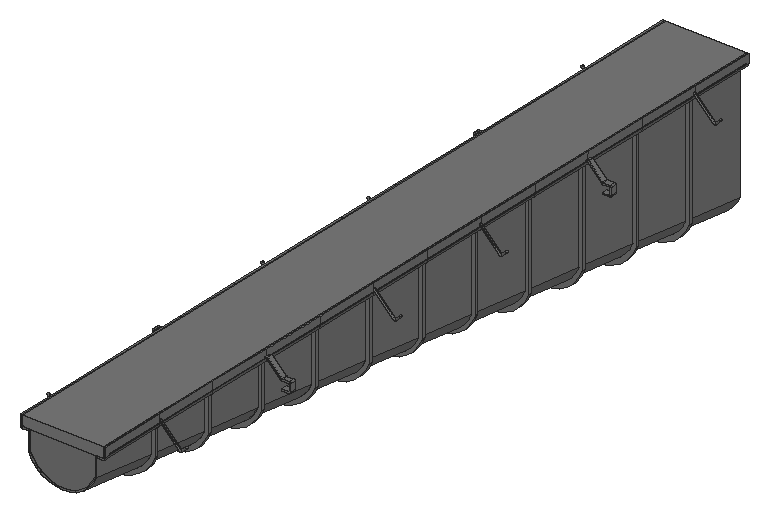
Revit family "9960", category Plumbing Fixtures, Revit 2014 (continued)
Lines and regions (in)
  model lines
    curve 30: line (6.03125, -15.8125, 0) -> (-6.03125, -15.8125, 0)
    curve 31: line (6.03125, -14.3125, 0) -> (-6.03125, -14.3125, 0)
    curve 32: line (6.03125, -12.8125, 0) -> (-6.03125, -12.8125, 0)
    curve 33: line (6.03125, -11.3125, 0) -> (-6.03125, -11.3125, 0)
    curve 34: line (6.03125, -9.8125, 0) -> (-6.03125, -9.8125, 0)
    curve 35: line (6.03125, -8.3125, 0) -> (-6.03125, -8.3125, 0)
    curve 36: line (6.03125, -6.8125, 0) -> (-6.03125, -6.8125, 0)
    curve 37: line (6.03125, -5.3125, 0) -> (-6.03125, -5.3125, 0)
    curve 38: line (6.03125, -3.8125, 0) -> (-6.03125, -3.8125, 0)
    curve 39: line (6.03125, -2.3125, 0) -> (-6.03125, -2.3125, 0)
    curve 40: line (6.03125, -0.8125, 0) -> (-6.03125, -0.8125, 0)
    curve 41: line (6.03125, 0.6875, 0) -> (-6.03125, 0.6875, 0)
    curve 42: line (6.03125, 2.1875, 0) -> (-6.03125, 2.1875, 0)
    curve 43: line (6.03125, 3.6875, 0) -> (-6.03125, 3.6875, 0)
    curve 44: line (6.03125, 5.1875, 0) -> (-6.03125, 5.1875, 0)
    curve 45: line (6.03125, 6.6875, 0) -> (-6.03125, 6.6875, 0)
    curve 46: line (6.03125, 8.1875, 0) -> (-6.03125, 8.1875, 0)
    curve 47: line (6.03125, 9.6875, 0) -> (-6.03125, 9.6875, 0)
    curve 48: line (6.03125, 11.1875, 0) -> (-6.03125, 11.1875, 0)
    curve 49: line (6.03125, 12.6875, 0) -> (-6.03125, 12.6875, 0)
    curve 50: line (6.03125, 14.1875, 0) -> (-6.03125, 14.1875, 0)
    curve 51: line (6.03125, 15.6875, 0) -> (-6.03125, 15.6875, 0)
    curve 52: line (6.03125, 17.1875, 0) -> (-6.03125, 17.1875, 0)
    curve 53: line (6.03125, 18.6875, 0) -> (-6.03125, 18.6875, 0)
    curve 54: line (6.03125, 20.1875, 0) -> (-6.03125, 20.1875, 0)
    curve 55: line (6.03125, 21.6875, 0) -> (-6.03125, 21.6875, 0)
    curve 56: line (6.03125, 23.1875, 0) -> (-6.03125, 23.1875, 0)
    curve 57: line (6.03125, 24.6875, 0) -> (-6.03125, 24.6875, 0)
    curve 58: line (6.03125, 26.1875, 0) -> (-6.03125, 26.1875, 0)
    curve 59: line (6.03125, 27.6875, 0) -> (-6.03125, 27.6875, 0)
    curve 60: line (6.03125, 29.1875, 0) -> (-6.03125, 29.1875, 0)
    curve 61: line (6.03125, 30.6875, 0) -> (-6.03125, 30.6875, 0)
    curve 62: line (6.03125, 32.1875, 0) -> (-6.03125, 32.1875, 0)
    curve 63: line (6.03125, 33.6875, 0) -> (-6.03125, 33.6875, 0)
    curve 64: line (6.03125, 35.1875, 0) -> (-6.03125, 35.1875, 0)
    curve 65: line (6.03125, 36.6875, 0) -> (-6.03125, 36.6875, 0)
    curve 66: line (6.03125, 38.1875, 0) -> (-6.03125, 38.1875, 0)
    curve 67: line (6.03125, 39.6875, 0) -> (-6.03125, 39.6875, 0)
    curve 68: line (6.03125, 41.1875, 0) -> (-6.03125, 41.1875, 0)
    curve 69: line (6.03125, 42.6875, 0) -> (-6.03125, 42.6875, 0)
    curve 70: line (6.03125, 44.1875, 0) -> (-6.03125, 44.1875, 0)
    curve 71: line (6.03125, 45.6875, 0) -> (-6.03125, 45.6875, 0)
    curve 72: line (6.03125, 47.1875, 0) -> (-6.03125, 47.1875, 0)
    curve 73: line (6.03125, 48.6875, 0) -> (-6.03125, 48.6875, 0)
    curve 74: line (6.03125, 50.1875, 0) -> (-6.03125, 50.1875, 0)
    curve 75: line (6.03125, 51.6875, 0) -> (-6.03125, 51.6875, 0)
    curve 76: line (6.03125, 53.1875, 0) -> (-6.03125, 53.1875, 0)
    curve 77: line (6.03125, 54.6875, 0) -> (-6.03125, 54.6875, 0)
    curve 78: line (6.03125, 56.1875, 0) -> (-6.03125, 56.1875, 0)
    curve 79: line (6.03125, 57.6875, 0) -> (-6.03125, 57.6875, 0)
Dimensions and locks (in)
  plane 7 to plane 4 to plane 1 "Center (Front/Back)" to plane 5 to plane 6 = 29 9/16", 29 3/4", 29 3/4", 29 9/16"
  equal spacing: plane 7, plane 8, plane 9, plane 4
  equal spacing: plane 4, plane 11, plane 10, plane 1 "Center (Front/Back)"
  equal spacing: plane 1 "Center (Front/Back)", plane 12, plane 13, plane 5
  equal spacing: plane 5, plane 15, plane 14, plane 6
  locked: plane 8 to plane 16 at 0.32145
  locked: plane 9 to plane 17 at 0.32145
  locked: plane 4 to plane 18 at 0.32145
  locked: plane 11 to plane 19 at 0.32145
  locked: plane 10 to plane 20 at 0.32145
  locked: plane 14 to plane 21 at 0.32145
  locked: plane 15 to plane 22 at 0.32145
  locked: plane 5 to plane 23 at 0.32145
  locked: plane 13 to plane 24 at 0.32145
  locked: plane 12 to plane 25 at 0.32145
  locked: plane 7 to plane 28 at 0.32145
  plane 34 to plane 33 = 20 3/8"
  plane 36 to plane 35 = 12 9/16"
  plane 38 to plane 37 = 9 5/8"
  plane 2 to plane 39 = 1 9/16"
  plane 2 to plane 46 = 7.56"
  locked: plane 42 to plane 46 at 5.24057
  plane 2 to plane 47 = 8.81"
  locked: plane 45 to plane 47 at 5.24057
  locked: plane 50 to plane 54 at 5.24057
  locked: plane 53 to plane 55 at 5.24057
  locked: plane 58 to plane 62 at 5.24057
  locked: plane 61 to plane 63 at 5.24057
  locked: plane 66 to plane 70 at 5.24057
  locked: plane 69 to plane 71 at 5.24057
  locked: plane 74 to plane 78 at 5.24057
  locked: plane 77 to plane 79 at 5.24057
  locked: plane 82 to plane 86 at 5.24057
  locked: plane 85 to plane 87 at 5.24057
  locked: plane 90 to plane 94 at 5.24057
  locked: plane 93 to plane 95 at 5.24057
  locked: plane 98 to plane 102 at 5.24057
  locked: plane 101 to plane 103 at 5.24057
  locked: plane 106 to plane 110 at 5.24057
  locked: plane 109 to plane 111 at 5.24057
  locked: plane 114 to plane 118 at 5.24057
  locked: plane 117 to plane 119 at 5.24057
  locked: plane 122 to plane 126 at 5.24057
  locked: plane 125 to plane 127 at 5.24057
  locked: plane 130 to plane 134 at 5.24057
  locked: plane 133 to plane 135 at 5.24057
  locked: Extrusion 36 sketch curve to plane 39 at 15.75693
  "Connection Size": diameter of Extrusion 36 sketch curve
  aligned and locked: Extrusion 7 sketch curve to level
  aligned and locked: Extrusion 7 to plane 6
  aligned and locked: Extrusion 7 to plane 7
  aligned and locked: plane 42 to Blend 8 sketch curve  (x2)
  aligned and locked: plane 45 to Blend 8 sketch curve  (x2)
  aligned and locked: plane 50 to Blend 14 sketch curve  (x2)
  aligned and locked: plane 53 to Blend 14 sketch curve  (x2)
  aligned and locked: plane 58 to Blend 15 sketch curve  (x2)
  aligned and locked: plane 61 to Blend 15 sketch curve  (x2)
  aligned and locked: plane 66 to Blend 16 sketch curve  (x2)
  aligned and locked: plane 69 to Blend 16 sketch curve  (x2)
  aligned and locked: plane 74 to Blend 17 sketch curve  (x2)
  aligned and locked: plane 77 to Blend 17 sketch curve  (x2)
  aligned and locked: plane 82 to Blend 18 sketch curve  (x2)
  aligned and locked: plane 85 to Blend 18 sketch curve  (x2)
  aligned and locked: plane 90 to Blend 19 sketch curve  (x2)
  aligned and locked: plane 93 to Blend 19 sketch curve  (x2)
  aligned and locked: plane 98 to Blend 20 sketch curve  (x2)
  aligned and locked: plane 101 to Blend 20 sketch curve  (x2)
  aligned and locked: plane 106 to Blend 21 sketch curve  (x2)
  aligned and locked: plane 109 to Blend 21 sketch curve  (x2)
  aligned and locked: plane 114 to Blend 22 sketch curve  (x2)
  aligned and locked: plane 117 to Blend 22 sketch curve  (x2)
  aligned and locked: plane 122 to Blend 23 sketch curve  (x2)
  aligned and locked: plane 125 to Blend 23 sketch curve  (x2)
  aligned and locked: plane 130 to Blend 24 sketch curve  (x2)
  aligned and locked: plane 133 to Blend 24 sketch curve  (x2)
  aligned and locked: Extrusion 37 sketch curve to Extrusion 36
Automatic sketch dimensions
  plane 33 to Sweep 1 sketch curve = 0.5685"
  Sweep 1 sketch curve to Sweep 1 sketch curve = 0.20254"  (x3)
  Sweep 1 sketch curve to plane 39 = 2.07728"
  Sweep 1 sketch curve to plane 33 = 1/16"
  plane 35 to Sweep 1 sketch curve = 1/256"
  Sweep 1 sketch curve to Sweep 1 sketch curve = 0.631"
  Sweep 1 sketch curve to level = 0.70323"
  Sweep 1 sketch curve to profile plane = 0"  (x2)
  plane 33 to Sweep 2 sketch curve = 0.5685"
  Sweep 2 sketch curve to Sweep 2 sketch curve = 0.20254"  (x3)
  Sweep 2 sketch curve to plane 39 = 2.07728"
  Sweep 2 sketch curve to plane 33 = 1/16"
  plane 35 to Sweep 2 sketch curve = 1/256"
  Sweep 2 sketch curve to Sweep 2 sketch curve = 0.631"
  Sweep 2 sketch curve to level = 0.70323"
  Sweep 2 sketch curve to profile plane = 0"  (x2)
  plane 33 to Sweep 3 sketch curve = 0.5685"
  Sweep 3 sketch curve to Sweep 3 sketch curve = 0.20254"  (x3)
  Sweep 3 sketch curve to plane 39 = 1.87473"
  Sweep 3 sketch curve to plane 33 = 1/16"
  plane 35 to Sweep 3 sketch curve = 1/256"
  Sweep 3 sketch curve to Sweep 3 sketch curve = 0.631"
  Sweep 3 sketch curve to level = 0.70323"
  Sweep 3 sketch curve to profile plane = 0"
  profile plane to Sweep 3 sketch curve = 0"
  Extrusion 4 sketch curve to plane 33 = 0"
  plane 34 to Extrusion 4 sketch curve = 0"
  plane 33 to Extrusion 4 sketch curve = 0.16345"
  plane 33 to Extrusion 4 sketch curve = 0.2016"
  Extrusion 4 sketch curve to Extrusion 4 sketch curve = 0.04542"  (x2)
  Extrusion 4 sketch curve to Extrusion 4 sketch curve = 0.06502"
  Extrusion 4 sketch curve to Extrusion 4 sketch curve = 0.0484"  (x2)
  Extrusion 4 sketch curve to Extrusion 4 sketch curve = 1.03536"
  Extrusion 4 sketch curve to Extrusion 4 sketch curve = 0.021"  (x2)
  Extrusion 4 sketch curve to Extrusion 4 sketch curve = 1.03501"
  Extrusion 4 sketch curve to Extrusion 4 sketch curve = 0.0893"  (x2)
  Extrusion 4 sketch curve to Extrusion 4 sketch curve = 0.13236"  (x2)
  Extrusion 4 sketch curve to plane 35 = 0.49935"
  Extrusion 4 sketch curve to Extrusion 4 sketch curve = 0.10641"  (x2)
  Extrusion 4 sketch curve to plane 35 = 0.03546"
  Extrusion 4 sketch curve to plane 36 = 0.03546"
  Extrusion 4 sketch curve to Extrusion 4 sketch curve = 0.35748"
  plane 34 to Extrusion 4 sketch curve = 1.47962"
  plane 34 to Extrusion 4 sketch curve = 1.29227"
  plane 34 to Extrusion 4 sketch curve = 0.25726"
  plane 34 to Extrusion 4 sketch curve = 0.22847"
  plane 34 to Extrusion 4 sketch curve = 0.2016"
  Extrusion 4 sketch curve to plane 39 = 2.84663"  (x2)
  Extrusion 4 sketch curve to Extrusion 4 sketch curve = 0.18997"  (x2)
  Extrusion 4 sketch curve to Extrusion 4 sketch curve = 0.94955"  (x2)
  Extrusion 4 sketch curve to Extrusion 4 sketch curve = 0.06506"  (x2)
  Extrusion 4 sketch curve to Extrusion 4 sketch curve = 0.10112"  (x2)
  Extrusion 4 sketch curve to Extrusion 4 sketch curve = 0.03699"  (x2)
  plane 39 to Extrusion 4 sketch curve = 75/128"  (x2)
  Extrusion 4 sketch curve to Extrusion 4 sketch curve = 21/128"  (x2)
  Extrusion 5 sketch curve to plane 33 = 0"
  plane 34 to Extrusion 5 sketch curve = 0"
  plane 33 to Extrusion 5 sketch curve = 0.16345"
  plane 33 to Extrusion 5 sketch curve = 0.2016"
  Extrusion 5 sketch curve to Extrusion 5 sketch curve = 0.04542"
  Extrusion 5 sketch curve to Extrusion 5 sketch curve = 0.06502"  (x2)
  Extrusion 5 sketch curve to Extrusion 5 sketch curve = 0.0484"  (x2)
  Extrusion 5 sketch curve to Extrusion 5 sketch curve = 1.00848"
  Extrusion 5 sketch curve to Extrusion 5 sketch curve = 0.021"  (x2)
  Extrusion 5 sketch curve to Extrusion 5 sketch curve = 1.03501"
  Extrusion 5 sketch curve to Extrusion 5 sketch curve = 0.0893"  (x4)
  Extrusion 5 sketch curve to Extrusion 5 sketch curve = 0.13236"  (x2)
  Extrusion 5 sketch curve to plane 35 = 0.49935"
  Extrusion 5 sketch curve to Extrusion 5 sketch curve = 0.10641"  (x2)
  Extrusion 5 sketch curve to plane 35 = 0.03546"
  Extrusion 5 sketch curve to plane 36 = 0.03546"
  Extrusion 5 sketch curve to Extrusion 5 sketch curve = 0.35748"
  plane 34 to Extrusion 5 sketch curve = 1.47962"
  plane 34 to Extrusion 5 sketch curve = 1.29227"
  plane 34 to Extrusion 5 sketch curve = 0.25726"
  plane 34 to Extrusion 5 sketch curve = 0.22847"
  plane 34 to Extrusion 5 sketch curve = 0.2016"
  plane 39 to Extrusion 5 sketch curve = 3/4"  (x2)
  Extrusion 5 sketch curve to Extrusion 5 sketch curve = 21/128"  (x2)
  Extrusion 5 sketch curve to plane 39 = 1.2051"  (x2)
  Extrusion 5 sketch curve to Extrusion 5 sketch curve = 0.01524"  (x2)
  Extrusion 5 sketch curve to Extrusion 5 sketch curve = 0.13811"  (x2)
  Extrusion 5 sketch curve to Extrusion 5 sketch curve = 0.94955"  (x2)
  Extrusion 5 sketch curve to Extrusion 5 sketch curve = 0.07492"  (x2)
  plane 33 to Sweep 6 sketch curve = 0.5685"
  Sweep 6 sketch curve to Sweep 6 sketch curve = 0.20254"  (x3)
  Sweep 6 sketch curve to plane 39 = 1.87473"
  Sweep 6 sketch curve to plane 33 = 1/16"
  plane 35 to Sweep 6 sketch curve = 1/256"
  Sweep 6 sketch curve to Sweep 6 sketch curve = 0.631"
  Sweep 6 sketch curve to level = 0.70323"
  Sweep 6 sketch curve to profile plane = 0"
  profile plane to Sweep 6 sketch curve = 0"
  Extrusion 7 sketch curve to plane 39 = 0"
  plane 35 to Extrusion 7 sketch curve = 1/4"
  Extrusion 7 sketch curve to Extrusion 7 sketch curve = 1/4"
  plane 36 to Extrusion 7 sketch curve = 1/2"
  plane 36 to Extrusion 7 sketch curve = 1/4"
  Blend 8 sketch curve to Blend 8 sketch curve = 0"  (x10)
  Blend 8 sketch curve to level = 0"  (x4)
  Blend 8 sketch curve to plane 35 = 0"  (x2)
  Blend 8 sketch curve to plane 39 = 0"  (x4)
  Blend 8 sketch curve to plane 37 = 0"  (x2)
  Blend 8 sketch curve to plane 3 "Center (Left/Right)" = 0"  (x2)
  plane 38 to Blend 8 sketch curve = 0"  (x2)
  plane 36 to Blend 8 sketch curve = 0"  (x2)
  Blend 8 sketch curve to Blend 8 sketch curve = 1/4"  (x4)
  Blend 8 sketch curve to plane 37 = 1/4"  (x2)
  Blend 8 sketch curve to Blend 8 sketch curve = 0.02563"  (x2)
  Blend 8 sketch curve to plane 38 = 0.22437"  (x2)
  Blend 8 sketch curve to plane 38 = 1/4"  (x2)
  plane 36 to Blend 8 sketch curve = 1/2"  (x2)
  plane 36 to Blend 8 sketch curve = 1/4"  (x2)
  plane 45 to Blend 8 sketch curve = 2.07447"
  Blend 8 sketch curve to Blend 8 sketch curve = 0.05096"  (x2)
  plane 42 to Blend 8 sketch curve = 2.07447"
  Extrusion 9 sketch curve to Extrusion 9 sketch curve = 0"  (x2)
  Extrusion 9 sketch curve to plane 3 "Center (Left/Right)" = 0"
  Extrusion 9 sketch curve to plane 37 = 1/4"
  plane 35 to Extrusion 9 sketch curve = 1/2"
  Extrusion 9 sketch curve to plane 38 = 1/4"
  Extrusion 9 sketch curve to plane 39 = 1/4"  (x2)
  plane 36 to Extrusion 9 sketch curve = 1/2"
  Extrusion 9 sketch curve to plane 39 = 2.00693"
  Extrusion 9 sketch curve to Extrusion 9 sketch curve = 3.88236"
  Extrusion 9 sketch curve to Extrusion 9 sketch curve = 0.14014"
  plane 34 to Sweep 10 sketch curve = 0.5685"
  Sweep 10 sketch curve to Sweep 10 sketch curve = 0.20254"  (x3)
  Sweep 10 sketch curve to plane 39 = 1.87473"
  Sweep 10 sketch curve to plane 34 = 1/16"
  plane 36 to Sweep 10 sketch curve = 1/256"
  Sweep 10 sketch curve to Sweep 10 sketch curve = 0.631"
  Sweep 10 sketch curve to level = 0.70323"
  Sweep 10 sketch curve to profile plane = 0"  (x2)
  plane 34 to Sweep 11 sketch curve = 0.5685"
  Sweep 11 sketch curve to Sweep 11 sketch curve = 0.20254"  (x3)
  Sweep 11 sketch curve to plane 39 = 1.87473"
  Sweep 11 sketch curve to plane 34 = 1/16"
  plane 36 to Sweep 11 sketch curve = 1/256"
  Sweep 11 sketch curve to Sweep 11 sketch curve = 0.631"
  Sweep 11 sketch curve to level = 0.70323"
  Sweep 11 sketch curve to profile plane = 0"  (x2)
  plane 34 to Sweep 12 sketch curve = 0.5685"
  Sweep 12 sketch curve to Sweep 12 sketch curve = 0.20254"  (x3)
  Sweep 12 sketch curve to plane 39 = 2.07728"
  Sweep 12 sketch curve to plane 34 = 1/16"
  plane 36 to Sweep 12 sketch curve = 1/256"
  Sweep 12 sketch curve to Sweep 12 sketch curve = 0.631"
  Sweep 12 sketch curve to level = 0.70323"
  Sweep 12 sketch curve to profile plane = 0"
  profile plane to Sweep 12 sketch curve = 0"
  plane 34 to Sweep 13 sketch curve = 0.5685"
  Sweep 13 sketch curve to Sweep 13 sketch curve = 0.20254"  (x3)
  Sweep 13 sketch curve to plane 39 = 2.07728"
  Sweep 13 sketch curve to plane 34 = 1/16"
  plane 36 to Sweep 13 sketch curve = 1/256"
  Sweep 13 sketch curve to Sweep 13 sketch curve = 0.631"
  Sweep 13 sketch curve to level = 0.70323"
  Sweep 13 sketch curve to profile plane = 0"
  profile plane to Sweep 13 sketch curve = 0"
  Blend 14 sketch curve to Blend 14 sketch curve = 0"  (x10)
  Blend 14 sketch curve to level = 0"  (x4)
  Blend 14 sketch curve to plane 35 = 0"  (x2)
  Blend 14 sketch curve to plane 39 = 0"  (x4)
  Blend 14 sketch curve to plane 37 = 0"  (x2)
  Blend 14 sketch curve to plane 3 "Center (Left/Right)" = 0"  (x2)
  plane 38 to Blend 14 sketch curve = 0"  (x2)
  plane 36 to Blend 14 sketch curve = 0"  (x2)
  plane 35 to Blend 14 sketch curve = 1/4"  (x2)
  Blend 14 sketch curve to Blend 14 sketch curve = 1/4"  (x4)
  Blend 14 sketch curve to plane 37 = 1/4"  (x2)
  Blend 14 sketch curve to Blend 14 sketch curve = 0.02563"  (x2)
  Blend 14 sketch curve to plane 38 = 0.22437"  (x2)
  Blend 14 sketch curve to plane 38 = 1/4"  (x2)
  plane 36 to Blend 14 sketch curve = 1/2"  (x2)
  plane 53 to Blend 14 sketch curve = 2.07447"
  Blend 14 sketch curve to Blend 14 sketch curve = 0.05096"  (x2)
  plane 50 to Blend 14 sketch curve = 2.07447"
  Blend 15 sketch curve to Blend 15 sketch curve = 0"  (x10)
  Blend 15 sketch curve to level = 0"  (x4)
  Blend 15 sketch curve to plane 35 = 0"  (x2)
  Blend 15 sketch curve to plane 39 = 0"  (x4)
  Blend 15 sketch curve to plane 37 = 0"  (x2)
  Blend 15 sketch curve to plane 3 "Center (Left/Right)" = 0"  (x2)
  plane 38 to Blend 15 sketch curve = 0"  (x2)
  plane 36 to Blend 15 sketch curve = 0"  (x2)
  plane 35 to Blend 15 sketch curve = 1/4"  (x2)
  Blend 15 sketch curve to Blend 15 sketch curve = 1/4"  (x4)
  Blend 15 sketch curve to plane 37 = 1/4"  (x2)
  Blend 15 sketch curve to Blend 15 sketch curve = 0.02563"  (x2)
  Blend 15 sketch curve to plane 38 = 0.22437"  (x2)
  Blend 15 sketch curve to plane 38 = 1/4"  (x2)
  plane 36 to Blend 15 sketch curve = 1/2"  (x2)
  plane 61 to Blend 15 sketch curve = 2.07447"
  Blend 15 sketch curve to Blend 15 sketch curve = 0.05096"  (x2)
  plane 58 to Blend 15 sketch curve = 2.07447"
  Blend 16 sketch curve to Blend 16 sketch curve = 0"  (x10)
  Blend 16 sketch curve to level = 0"  (x4)
  Blend 16 sketch curve to plane 35 = 0"  (x2)
  Blend 16 sketch curve to plane 39 = 0"  (x4)
  Blend 16 sketch curve to plane 37 = 0"  (x2)
  Blend 16 sketch curve to plane 3 "Center (Left/Right)" = 0"  (x2)
  plane 38 to Blend 16 sketch curve = 0"  (x2)
  plane 36 to Blend 16 sketch curve = 0"  (x2)
  plane 35 to Blend 16 sketch curve = 1/4"  (x2)
  Blend 16 sketch curve to Blend 16 sketch curve = 1/4"  (x4)
  Blend 16 sketch curve to plane 37 = 1/4"  (x2)
  Blend 16 sketch curve to Blend 16 sketch curve = 0.02563"  (x2)
  Blend 16 sketch curve to plane 38 = 0.22437"  (x2)
  Blend 16 sketch curve to plane 38 = 1/4"  (x2)
  plane 36 to Blend 16 sketch curve = 1/2"  (x2)
  plane 69 to Blend 16 sketch curve = 2.07447"
  Blend 16 sketch curve to Blend 16 sketch curve = 0.05096"  (x2)
  plane 66 to Blend 16 sketch curve = 2.07447"
  Blend 17 sketch curve to Blend 17 sketch curve = 0"  (x10)
  Blend 17 sketch curve to level = 0"  (x4)
  Blend 17 sketch curve to plane 35 = 0"  (x2)
  Blend 17 sketch curve to plane 39 = 0"  (x4)
  Blend 17 sketch curve to plane 37 = 0"  (x2)
  Blend 17 sketch curve to plane 3 "Center (Left/Right)" = 0"  (x2)
  plane 38 to Blend 17 sketch curve = 0"  (x2)
  plane 36 to Blend 17 sketch curve = 0"  (x2)
  plane 35 to Blend 17 sketch curve = 1/4"  (x2)
  Blend 17 sketch curve to Blend 17 sketch curve = 1/4"  (x4)
  Blend 17 sketch curve to plane 37 = 1/4"  (x2)
  Blend 17 sketch curve to Blend 17 sketch curve = 0.02563"  (x2)
  Blend 17 sketch curve to plane 38 = 0.22437"  (x2)
  Blend 17 sketch curve to plane 38 = 1/4"  (x2)
  plane 36 to Blend 17 sketch curve = 1/2"  (x2)
  plane 77 to Blend 17 sketch curve = 2.07447"
  Blend 17 sketch curve to Blend 17 sketch curve = 0.05096"  (x2)
  plane 74 to Blend 17 sketch curve = 2.07447"
  Blend 18 sketch curve to Blend 18 sketch curve = 0"  (x10)
  Blend 18 sketch curve to level = 0"  (x4)
  Blend 18 sketch curve to plane 35 = 0"  (x2)
  Blend 18 sketch curve to plane 39 = 0"  (x4)
  Blend 18 sketch curve to plane 37 = 0"  (x2)
  Blend 18 sketch curve to plane 3 "Center (Left/Right)" = 0"  (x2)
  plane 38 to Blend 18 sketch curve = 0"  (x2)
  plane 36 to Blend 18 sketch curve = 0"  (x2)
  plane 35 to Blend 18 sketch curve = 1/4"  (x2)
  Blend 18 sketch curve to Blend 18 sketch curve = 1/4"  (x4)
  Blend 18 sketch curve to plane 37 = 1/4"  (x2)
  Blend 18 sketch curve to Blend 18 sketch curve = 0.02563"  (x2)
  Blend 18 sketch curve to plane 38 = 0.22437"  (x2)
  Blend 18 sketch curve to plane 38 = 1/4"  (x2)
  plane 36 to Blend 18 sketch curve = 1/2"  (x2)
  plane 85 to Blend 18 sketch curve = 2.07447"
  Blend 18 sketch curve to Blend 18 sketch curve = 0.05096"  (x2)
  plane 82 to Blend 18 sketch curve = 2.07447"
  Blend 19 sketch curve to Blend 19 sketch curve = 0"  (x10)
  Blend 19 sketch curve to level = 0"  (x4)
  Blend 19 sketch curve to plane 35 = 0"  (x2)
  Blend 19 sketch curve to plane 39 = 0"  (x4)
  Blend 19 sketch curve to plane 37 = 0"  (x2)
  Blend 19 sketch curve to plane 3 "Center (Left/Right)" = 0"  (x2)
  plane 38 to Blend 19 sketch curve = 0"  (x2)
  plane 36 to Blend 19 sketch curve = 0"  (x2)
  plane 35 to Blend 19 sketch curve = 1/4"  (x2)
  Blend 19 sketch curve to Blend 19 sketch curve = 1/4"  (x4)
  Blend 19 sketch curve to plane 37 = 1/4"  (x2)
  Blend 19 sketch curve to Blend 19 sketch curve = 0.02563"  (x2)
  Blend 19 sketch curve to plane 38 = 0.22437"  (x2)
  Blend 19 sketch curve to plane 38 = 1/4"  (x2)
  plane 36 to Blend 19 sketch curve = 1/2"  (x2)
  plane 93 to Blend 19 sketch curve = 2.07447"
  Blend 19 sketch curve to Blend 19 sketch curve = 0.05096"  (x2)
  plane 90 to Blend 19 sketch curve = 2.07447"
  Blend 20 sketch curve to Blend 20 sketch curve = 0"  (x10)
  Blend 20 sketch curve to level = 0"  (x4)
  Blend 20 sketch curve to plane 35 = 0"  (x2)
  Blend 20 sketch curve to plane 39 = 0"  (x4)
  Blend 20 sketch curve to plane 37 = 0"  (x2)
  Blend 20 sketch curve to plane 3 "Center (Left/Right)" = 0"  (x2)
  plane 38 to Blend 20 sketch curve = 0"  (x2)
  plane 36 to Blend 20 sketch curve = 0"  (x2)
  plane 35 to Blend 20 sketch curve = 1/4"  (x2)
  Blend 20 sketch curve to Blend 20 sketch curve = 1/4"  (x4)
  Blend 20 sketch curve to plane 37 = 1/4"  (x2)
  Blend 20 sketch curve to Blend 20 sketch curve = 0.02563"  (x2)
  Blend 20 sketch curve to plane 38 = 0.22437"  (x2)
  Blend 20 sketch curve to plane 38 = 1/4"  (x2)
  plane 36 to Blend 20 sketch curve = 1/2"  (x2)
  plane 101 to Blend 20 sketch curve = 2.07447"
  Blend 20 sketch curve to Blend 20 sketch curve = 0.05096"  (x2)
  plane 98 to Blend 20 sketch curve = 2.07447"
  Blend 21 sketch curve to Blend 21 sketch curve = 0"  (x10)
  Blend 21 sketch curve to level = 0"  (x4)
  Blend 21 sketch curve to plane 35 = 0"  (x2)
  Blend 21 sketch curve to plane 39 = 0"  (x4)
  Blend 21 sketch curve to plane 37 = 0"  (x2)
  Blend 21 sketch curve to plane 3 "Center (Left/Right)" = 0"  (x2)
  plane 38 to Blend 21 sketch curve = 0"  (x2)
  plane 36 to Blend 21 sketch curve = 0"  (x2)
  plane 35 to Blend 21 sketch curve = 1/4"  (x2)
  Blend 21 sketch curve to Blend 21 sketch curve = 1/4"  (x4)
  Blend 21 sketch curve to plane 37 = 1/4"  (x2)
  Blend 21 sketch curve to Blend 21 sketch curve = 0.02563"  (x2)
  Blend 21 sketch curve to plane 38 = 0.22437"  (x2)
  Blend 21 sketch curve to plane 38 = 1/4"  (x2)
  plane 36 to Blend 21 sketch curve = 1/2"  (x2)
  plane 109 to Blend 21 sketch curve = 2.07447"
  Blend 21 sketch curve to Blend 21 sketch curve = 0.05096"  (x2)
  plane 106 to Blend 21 sketch curve = 2.07447"
  Blend 22 sketch curve to Blend 22 sketch curve = 0"  (x10)
  Blend 22 sketch curve to level = 0"  (x4)
  Blend 22 sketch curve to plane 35 = 0"  (x2)
  Blend 22 sketch curve to plane 39 = 0"  (x4)
  Blend 22 sketch curve to plane 37 = 0"  (x2)
  Blend 22 sketch curve to plane 3 "Center (Left/Right)" = 0"  (x2)
  plane 38 to Blend 22 sketch curve = 0"  (x2)
  plane 36 to Blend 22 sketch curve = 0"  (x2)
  plane 35 to Blend 22 sketch curve = 1/4"  (x2)
  Blend 22 sketch curve to Blend 22 sketch curve = 1/4"  (x4)
  Blend 22 sketch curve to plane 37 = 1/4"  (x2)
  Blend 22 sketch curve to Blend 22 sketch curve = 0.02563"  (x2)
  Blend 22 sketch curve to plane 38 = 0.22437"  (x2)
  Blend 22 sketch curve to plane 38 = 1/4"  (x2)
  plane 36 to Blend 22 sketch curve = 1/2"  (x2)
  plane 117 to Blend 22 sketch curve = 2.07447"
  Blend 22 sketch curve to Blend 22 sketch curve = 0.05096"  (x2)
  plane 114 to Blend 22 sketch curve = 2.07447"
  Blend 23 sketch curve to Blend 23 sketch curve = 0"  (x10)
  Blend 23 sketch curve to level = 0"  (x4)
  Blend 23 sketch curve to plane 35 = 0"  (x2)
  Blend 23 sketch curve to plane 39 = 0"  (x4)
  Blend 23 sketch curve to plane 37 = 0"  (x2)
  Blend 23 sketch curve to plane 3 "Center (Left/Right)" = 0"  (x2)
  plane 38 to Blend 23 sketch curve = 0"  (x2)
  plane 36 to Blend 23 sketch curve = 0"  (x2)
  plane 35 to Blend 23 sketch curve = 1/4"  (x2)
  Blend 23 sketch curve to Blend 23 sketch curve = 1/4"  (x4)
  Blend 23 sketch curve to plane 37 = 1/4"  (x2)
  Blend 23 sketch curve to Blend 23 sketch curve = 0.02563"  (x2)
  Blend 23 sketch curve to plane 38 = 0.22437"  (x2)
  Blend 23 sketch curve to plane 38 = 1/4"  (x2)
  plane 36 to Blend 23 sketch curve = 1/2"  (x2)
  plane 125 to Blend 23 sketch curve = 2.07447"
  Blend 23 sketch curve to Blend 23 sketch curve = 0.05096"  (x2)
  plane 122 to Blend 23 sketch curve = 2.07447"
  Blend 24 sketch curve to Blend 24 sketch curve = 0"  (x10)
  Blend 24 sketch curve to level = 0"  (x4)
  Blend 24 sketch curve to plane 35 = 0"  (x2)
  Blend 24 sketch curve to plane 39 = 0"  (x4)
  Blend 24 sketch curve to plane 37 = 0"  (x2)
  Blend 24 sketch curve to plane 3 "Center (Left/Right)" = 0"  (x2)
  plane 38 to Blend 24 sketch curve = 0"  (x2)
  plane 36 to Blend 24 sketch curve = 0"  (x2)
  plane 35 to Blend 24 sketch curve = 1/4"  (x2)
  Blend 24 sketch curve to Blend 24 sketch curve = 1/4"  (x4)
  Blend 24 sketch curve to plane 37 = 1/4"  (x2)
  Blend 24 sketch curve to Blend 24 sketch curve = 0.02563"  (x2)
  Blend 24 sketch curve to plane 38 = 0.22437"  (x2)
  Blend 24 sketch curve to plane 38 = 1/4"  (x2)
  plane 36 to Blend 24 sketch curve = 1/2"  (x2)
  plane 133 to Blend 24 sketch curve = 2.07447"
  Blend 24 sketch curve to Blend 24 sketch curve = 0.05096"  (x2)
  plane 130 to Blend 24 sketch curve = 2.07447"
  Extrusion 25 sketch curve to Extrusion 25 sketch curve = 0"  (x2)
  Extrusion 25 sketch curve to plane 3 "Center (Left/Right)" = 0"
  Extrusion 25 sketch curve to plane 37 = 1/4"
  plane 35 to Extrusion 25 sketch curve = 1/2"
  Extrusion 25 sketch curve to plane 38 = 1/4"
  Extrusion 25 sketch curve to plane 39 = 1/4"  (x2)
  plane 36 to Extrusion 25 sketch curve = 1/2"
  Extrusion 25 sketch curve to plane 39 = 3.25693"
  Extrusion 25 sketch curve to Extrusion 25 sketch curve = 5.13236"
  Extrusion 25 sketch curve to Extrusion 25 sketch curve = 0.14014"
  Extrusion 26 sketch curve to Extrusion 26 sketch curve = 0"  (x2)
  Extrusion 26 sketch curve to plane 3 "Center (Left/Right)" = 0"
  Extrusion 26 sketch curve to plane 37 = 1/4"
  plane 35 to Extrusion 26 sketch curve = 1/2"
  Extrusion 26 sketch curve to plane 38 = 1/4"
  Extrusion 26 sketch curve to plane 39 = 1/4"  (x2)
  plane 36 to Extrusion 26 sketch curve = 1/2"
  Extrusion 26 sketch curve to plane 39 = 4.50693"
  Extrusion 26 sketch curve to Extrusion 26 sketch curve = 2.12543"
  Extrusion 26 sketch curve to Extrusion 26 sketch curve = 0.14014"
  Extrusion 27 sketch curve to Extrusion 27 sketch curve = 0"  (x2)
  Extrusion 27 sketch curve to plane 3 "Center (Left/Right)" = 0"
  Extrusion 27 sketch curve to plane 37 = 1/4"
  plane 35 to Extrusion 27 sketch curve = 1/2"
  Extrusion 27 sketch curve to plane 38 = 1/4"
  Extrusion 27 sketch curve to plane 39 = 1/4"  (x2)
  plane 36 to Extrusion 27 sketch curve = 1/2"
  Extrusion 27 sketch curve to plane 39 = 5.75693"
  Extrusion 27 sketch curve to Extrusion 27 sketch curve = 2.12543"
  Extrusion 27 sketch curve to Extrusion 27 sketch curve = 0.14014"
  Extrusion 28 sketch curve to Extrusion 28 sketch curve = 0"  (x2)
  Extrusion 28 sketch curve to plane 3 "Center (Left/Right)" = 0"
  Extrusion 28 sketch curve to plane 37 = 1/4"
  plane 35 to Extrusion 28 sketch curve = 1/2"
  Extrusion 28 sketch curve to plane 38 = 1/4"
  Extrusion 28 sketch curve to plane 39 = 1/4"  (x2)
  plane 36 to Extrusion 28 sketch curve = 1/2"
  Extrusion 28 sketch curve to plane 39 = 7.00693"
  Extrusion 28 sketch curve to Extrusion 28 sketch curve = 2.12543"
  Extrusion 28 sketch curve to Extrusion 28 sketch curve = 0.14014"
  Extrusion 29 sketch curve to Extrusion 29 sketch curve = 0"  (x2)
  Extrusion 29 sketch curve to plane 3 "Center (Left/Right)" = 0"
  Extrusion 29 sketch curve to plane 37 = 1/4"
  plane 35 to Extrusion 29 sketch curve = 1/2"
  Extrusion 29 sketch curve to plane 38 = 1/4"
  Extrusion 29 sketch curve to plane 39 = 1/4"  (x2)
  plane 36 to Extrusion 29 sketch curve = 1/2"
  Extrusion 29 sketch curve to plane 39 = 8.00693"
  Extrusion 29 sketch curve to Extrusion 29 sketch curve = 2.12543"
  Extrusion 29 sketch curve to Extrusion 29 sketch curve = 0.14014"
  Extrusion 30 sketch curve to Extrusion 30 sketch curve = 0"  (x2)
  Extrusion 30 sketch curve to plane 3 "Center (Left/Right)" = 0"
  Extrusion 30 sketch curve to plane 37 = 1/4"
  plane 35 to Extrusion 30 sketch curve = 1/2"
  Extrusion 30 sketch curve to plane 38 = 1/4"
  Extrusion 30 sketch curve to plane 39 = 1/4"  (x2)
  plane 36 to Extrusion 30 sketch curve = 1/2"
  Extrusion 30 sketch curve to plane 39 = 9.25693"
  Extrusion 30 sketch curve to Extrusion 30 sketch curve = 2.12543"
  Extrusion 30 sketch curve to Extrusion 30 sketch curve = 0.14014"
  Extrusion 31 sketch curve to Extrusion 31 sketch curve = 0"  (x2)
  Extrusion 31 sketch curve to plane 3 "Center (Left/Right)" = 0"
  Extrusion 31 sketch curve to plane 37 = 1/4"
  plane 35 to Extrusion 31 sketch curve = 1/2"
  Extrusion 31 sketch curve to plane 38 = 1/4"
  Extrusion 31 sketch curve to plane 39 = 1/4"  (x2)
  plane 36 to Extrusion 31 sketch curve = 1/2"
  Extrusion 31 sketch curve to plane 39 = 10.75693"
  Extrusion 31 sketch curve to Extrusion 31 sketch curve = 2.12543"
  Extrusion 31 sketch curve to Extrusion 31 sketch curve = 0.14014"
  Extrusion 32 sketch curve to Extrusion 32 sketch curve = 0"  (x2)
  Extrusion 32 sketch curve to plane 3 "Center (Left/Right)" = 0"
  Extrusion 32 sketch curve to plane 37 = 1/4"
  plane 35 to Extrusion 32 sketch curve = 1/2"
  Extrusion 32 sketch curve to plane 38 = 1/4"
  Extrusion 32 sketch curve to plane 39 = 1/4"  (x2)
  plane 36 to Extrusion 32 sketch curve = 1/2"
  Extrusion 32 sketch curve to plane 39 = 12.00693"
  Extrusion 32 sketch curve to Extrusion 32 sketch curve = 2.12543"
  Extrusion 32 sketch curve to Extrusion 32 sketch curve = 0.14014"
  Extrusion 33 sketch curve to Extrusion 33 sketch curve = 0"  (x2)
  Extrusion 33 sketch curve to plane 3 "Center (Left/Right)" = 0"
  Extrusion 33 sketch curve to plane 37 = 1/4"
  plane 35 to Extrusion 33 sketch curve = 1/2"
  Extrusion 33 sketch curve to plane 38 = 1/4"
  Extrusion 33 sketch curve to plane 39 = 1/4"  (x2)
  plane 36 to Extrusion 33 sketch curve = 1/2"
  plane 136 to Extrusion 33 sketch curve = 5.49057"
  plane 136 to Extrusion 33 sketch curve = 3.36514"
  Extrusion 33 sketch curve to Extrusion 33 sketch curve = 0.14014"
  Extrusion 34 sketch curve to Extrusion 34 sketch curve = 0"  (x2)
  Extrusion 34 sketch curve to plane 3 "Center (Left/Right)" = 0"
  Extrusion 34 sketch curve to plane 37 = 1/4"
  plane 35 to Extrusion 34 sketch curve = 1/2"
  Extrusion 34 sketch curve to plane 38 = 1/4"
  Extrusion 34 sketch curve to plane 39 = 1/4"  (x2)
  plane 36 to Extrusion 34 sketch curve = 1/2"
  Extrusion 34 sketch curve to plane 39 = 14.50693"
  Extrusion 34 sketch curve to Extrusion 34 sketch curve = 2.12543"
  Extrusion 34 sketch curve to Extrusion 34 sketch curve = 0.14014"
  Extrusion 35 sketch curve to plane 37 = 0"
  Extrusion 35 sketch curve to plane 3 "Center (Left/Right)" = 0"
  Extrusion 35 sketch curve to plane 39 = 0.75693"
  Extrusion 35 sketch curve to plane 39 = 2.8314"
  Extrusion 35 sketch curve to plane 39 = 0.22437"  (x2)
  Extrusion 35 sketch curve to plane 39 = 0"  (x3)
  plane 35 to Extrusion 35 sketch curve = 1.24438"
  plane 36 to Extrusion 35 sketch curve = 1.24438"
  plane 38 to Extrusion 35 sketch curve = 0"
  Extrusion 36 sketch curve to Extrusion 36 sketch curve = 0"  (x4)
  Extrusion 36 sketch curve to plane 39 = 0"  (x3)
  plane 37 to Extrusion 36 sketch curve = 0"
  Extrusion 36 sketch curve to plane 3 "Center (Left/Right)" = 0"
  plane 38 to Extrusion 36 sketch curve = 0"
  Extrusion 36 sketch curve to plane 37 = 0.22437"
  Extrusion 36 sketch curve to plane 38 = 0.22437"
  Extrusion 36 sketch curve to Extrusion 36 sketch curve = 2.07447"
  curve 1 to plane 3 "Center (Left/Right)" = 0"
  curve 1 to plane 6 = 0"
  plane 7 to curve 1 = 0"
  plane 35 to curve 40 = 1/4"
  plane 35 to curve 39 = 1/4"
  plane 35 to curve 42 = 1/4"
  plane 35 to curve 38 = 1/4"
  plane 35 to curve 43 = 1/4"
  plane 35 to curve 37 = 1/4"
  plane 35 to curve 44 = 1/4"
  plane 35 to curve 36 = 1/4"
  plane 35 to curve 45 = 1/4"
  plane 35 to curve 35 = 1/4"
  plane 35 to curve 46 = 1/4"
  curve 34 to plane 12 = 0.10417"
  plane 35 to curve 34 = 1/4"
  curve 47 to plane 31 = 0.06396"
  plane 35 to curve 47 = 1/4"
  plane 35 to curve 33 = 1/4"
  plane 35 to curve 48 = 1/4"
  plane 35 to curve 32 = 1/4"
  plane 35 to curve 49 = 1/4"
  plane 35 to curve 31 = 1/4"
  plane 35 to curve 50 = 1/4"
  plane 35 to curve 30 = 1/4"
  plane 35 to curve 51 = 1/4"
  plane 35 to curve 29 = 1/4"
  plane 35 to curve 52 = 1/4"
  plane 35 to curve 28 = 1/4"
  plane 35 to curve 53 = 1/4"
  plane 35 to curve 27 = 1/4"
  plane 35 to curve 54 = 1/4"
  plane 35 to curve 26 = 1/4"
  plane 35 to curve 55 = 1/4"
  plane 35 to curve 25 = 1/4"
  plane 35 to curve 56 = 1/4"
  plane 35 to curve 24 = 1/4"
  plane 35 to curve 57 = 1/4"
  plane 35 to curve 23 = 1/4"
  plane 35 to curve 58 = 1/4"
  plane 35 to curve 22 = 1/4"
  plane 35 to curve 59 = 1/4"
  curve 21 to plane 23 = 0.11605"
  plane 35 to curve 21 = 1/4"
  plane 35 to curve 60 = 1/4"
  plane 35 to curve 20 = 1/4"
  plane 35 to curve 61 = 1/4"
  plane 35 to curve 19 = 1/4"
  plane 35 to curve 62 = 1/4"
  plane 35 to curve 18 = 1/4"
  plane 35 to curve 63 = 1/4"
  plane 35 to curve 17 = 1/4"
  plane 35 to curve 64 = 1/4"
  plane 35 to curve 16 = 1/4"
  plane 35 to curve 65 = 1/4"
  plane 35 to curve 15 = 1/4"
  plane 35 to curve 66 = 1/4"
  plane 35 to curve 14 = 1/4"
  curve 67 to plane 9 = 0.08333"
  plane 35 to curve 67 = 1/4"
  plane 35 to curve 13 = 1/4"
  plane 35 to curve 68 = 1/4"
  plane 35 to curve 12 = 1/4"
  plane 35 to curve 69 = 1/4"
  plane 35 to curve 11 = 1/4"
  plane 35 to curve 70 = 1/4"
  plane 35 to curve 10 = 1/4"
  plane 35 to curve 71 = 1/4"
  plane 35 to curve 9 = 1/4"
  plane 35 to curve 72 = 1/4"
  plane 35 to curve 8 = 1/4"
  plane 35 to curve 73 = 1/4"
  plane 35 to curve 7 = 1/4"
  plane 35 to curve 74 = 1/4"
  plane 35 to curve 6 = 1/4"
  plane 35 to curve 75 = 1/4"
  plane 35 to curve 5 = 1/4"
  plane 35 to curve 76 = 1/4"
  plane 35 to curve 4 = 1/4"
  plane 35 to curve 77 = 1/4"
  plane 35 to curve 3 = 1/4"
  plane 35 to curve 78 = 1/4"
  plane 35 to curve 2 = 1/4"
  plane 35 to curve 79 = 1/4"
  plane 35 to curve 41 = 1/4"
  plane 36 to curve 42 = 1/4"
  plane 36 to curve 39 = 1/4"
  plane 36 to curve 43 = 1/4"
  plane 36 to curve 38 = 1/4"
  plane 36 to curve 44 = 1/4"
  plane 36 to curve 37 = 1/4"
  plane 36 to curve 45 = 1/4"
  plane 36 to curve 36 = 1/4"
  plane 36 to curve 46 = 1/4"
  plane 36 to curve 35 = 1/4"
  plane 36 to curve 47 = 1/4"
  plane 36 to curve 34 = 1/4"
  plane 36 to curve 48 = 1/4"
  plane 36 to curve 33 = 1/4"
  plane 36 to curve 49 = 1/4"
  plane 36 to curve 32 = 1/4"
  plane 36 to curve 50 = 1/4"
  plane 36 to curve 31 = 1/4"
  plane 36 to curve 51 = 1/4"
  plane 36 to curve 30 = 1/4"
  plane 36 to curve 52 = 1/4"
  plane 36 to curve 29 = 1/4"
  plane 36 to curve 53 = 1/4"
  plane 36 to curve 28 = 1/4"
  plane 36 to curve 54 = 1/4"
  plane 36 to curve 27 = 1/4"
  plane 36 to curve 55 = 1/4"
  plane 36 to curve 26 = 1/4"
  plane 36 to curve 56 = 1/4"
  plane 36 to curve 25 = 1/4"
  plane 36 to curve 57 = 1/4"
  plane 36 to curve 24 = 1/4"
  plane 36 to curve 58 = 1/4"
  plane 36 to curve 23 = 1/4"
  plane 36 to curve 59 = 1/4"
  plane 36 to curve 22 = 1/4"
  plane 36 to curve 60 = 1/4"
  plane 36 to curve 21 = 1/4"
  plane 36 to curve 40 = 1/4"
  plane 36 to curve 20 = 1/4"
  plane 36 to curve 62 = 1/4"
  plane 36 to curve 19 = 1/4"
  plane 36 to curve 63 = 1/4"
  plane 36 to curve 18 = 1/4"
  plane 36 to curve 64 = 1/4"
  plane 36 to curve 17 = 1/4"
  plane 36 to curve 65 = 1/4"
  plane 36 to curve 16 = 1/4"
  plane 36 to curve 66 = 1/4"
  plane 36 to curve 15 = 1/4"
  plane 36 to curve 67 = 1/4"
  plane 36 to curve 14 = 1/4"
  plane 36 to curve 68 = 1/4"
  plane 36 to curve 13 = 1/4"
  plane 36 to curve 69 = 1/4"
  plane 36 to curve 12 = 1/4"
  plane 36 to curve 70 = 1/4"
  plane 36 to curve 11 = 1/4"
  plane 36 to curve 71 = 1/4"
  plane 36 to curve 10 = 1/4"
  plane 36 to curve 72 = 1/4"
  plane 36 to curve 9 = 1/4"
  plane 36 to curve 73 = 1/4"
  plane 36 to curve 8 = 1/4"
  plane 36 to curve 74 = 1/4"
  plane 36 to curve 7 = 1/4"
  plane 36 to curve 75 = 1/4"
  plane 36 to curve 6 = 1/4"
  plane 36 to curve 76 = 1/4"
  plane 36 to curve 5 = 1/4"
  plane 36 to curve 77 = 1/4"
  plane 36 to curve 4 = 1/4"
  plane 36 to curve 78 = 1/4"
  plane 36 to curve 3 = 1/4"
  plane 36 to curve 79 = 1/4"
  plane 36 to curve 2 = 1/4"
  plane 36 to curve 61 = 1/4"
  plane 36 to curve 41 = 1/4"
  plane 6 to curve 2 = 1 1/2"
  curve 2 to curve 3 = 1 1/2"
  curve 3 to curve 4 = 1 1/2"
  curve 4 to curve 5 = 1 1/2"
  curve 5 to curve 6 = 1 1/2"
  curve 7 to plane 14 = 0.85417"
  curve 8 to plane 21 = 0.32438"
  curve 8 to curve 9 = 1 1/2"
  curve 9 to curve 10 = 1 1/2"
  curve 10 to curve 11 = 1 1/2"
  curve 11 to curve 12 = 1 1/2"
  curve 12 to curve 13 = 1 1/2"
  curve 14 to plane 15 = 0.20833"
  curve 15 to plane 22 = 0.97021"
  curve 15 to curve 16 = 1 1/2"
  curve 16 to curve 17 = 1 1/2"
  curve 17 to curve 18 = 1 1/2"
  curve 18 to curve 19 = 1 1/2"
  curve 20 to plane 5 = 1 1/16"
  curve 21 to curve 22 = 1 1/2"
  curve 22 to curve 23 = 1 1/2"
  curve 23 to curve 24 = 1 1/2"
  curve 24 to curve 25 = 1 1/2"
  curve 25 to curve 26 = 1 1/2"
  plane 13 to curve 27 = 0.47917"
  curve 28 to plane 24 = 0.69938"
  curve 28 to curve 29 = 1 1/2"
  curve 29 to curve 30 = 1 1/2"
  curve 30 to curve 31 = 1 1/2"
  curve 31 to curve 32 = 1 1/2"
  plane 12 to curve 33 = 1.39583"
  curve 35 to plane 25 = 1.28271"
  curve 35 to curve 36 = 1 1/2"
  curve 36 to curve 37 = 1 1/2"
  curve 37 to curve 38 = 1 1/2"
  curve 38 to curve 39 = 1 1/2"
  curve 40 to plane 27 = 21/32"
  curve 41 to plane 26 = 17/32"
  curve 41 to curve 42 = 1 1/2"
  curve 42 to curve 43 = 1 1/2"
  curve 43 to curve 44 = 1 1/2"
  curve 44 to curve 45 = 1 1/2"
  curve 46 to plane 20 = 1.40771"
  plane 10 to curve 48 = 1.27083"
  curve 48 to curve 49 = 1 1/2"
  curve 49 to curve 50 = 1 1/2"
  curve 50 to curve 51 = 1 1/2"
  curve 51 to curve 52 = 1 1/2"
  curve 53 to plane 19 = 0.82438"
  plane 11 to curve 54 = 0.35417"
  curve 54 to curve 55 = 1 1/2"
  curve 55 to curve 56 = 1 1/2"
  curve 56 to curve 57 = 1 1/2"
  curve 57 to curve 58 = 1 1/2"
  curve 58 to curve 59 = 1 1/2"
  curve 60 to plane 18 = 0.24105"
  curve 61 to plane 4 = 15/16"
  curve 61 to curve 62 = 1 1/2"
  curve 62 to curve 63 = 1 1/2"
  curve 63 to curve 64 = 1 1/2"
  curve 64 to curve 65 = 1 1/2"
  curve 66 to plane 17 = 1.09521"
  curve 67 to curve 68 = 1 1/2"
  curve 68 to curve 69 = 1 1/2"
  curve 69 to curve 70 = 1 1/2"
  curve 70 to curve 71 = 1 1/2"
  curve 71 to curve 72 = 1 1/2"
  curve 73 to plane 16 = 0.44938"
  curve 74 to plane 8 = 0.72917"
  curve 74 to curve 75 = 1 1/2"
  curve 75 to curve 76 = 1 1/2"
  curve 76 to curve 77 = 1 1/2"
  curve 77 to curve 78 = 1 1/2"
  curve 79 to plane 28 = 1.30355"
  radius of Sweep 1 sketch curve = 1/8"
  radius of Sweep 2 sketch curve = 1/8"
  radius of Sweep 3 sketch curve = 1/8"
  radius of Sweep 6 sketch curve = 1/8"
  radius of Sweep 10 sketch curve = 1/8"
  radius of Sweep 11 sketch curve = 1/8"
  radius of Sweep 12 sketch curve = 1/8"
  radius of Sweep 13 sketch curve = 1/8"
Connectors (in)
  piping at (0, 62.04338, -17.31943), diameter 4, driven by "Connection Size"
    settings: on cut or joined group of Extrusion 36, Extrusion 37, index 1, connector inside diameter 24", connector length 0", flow factor 0, pipe flow 0 GPM, pressure drop 0.00 psi, fitting loss kfactor 0, connector angle 0.00°, fixture units 0, engagement length 0", angle of deflection 0.00°, flow configuration 0, flow direction 2, fitting loss method 0, system type 16, joint type 0, gender type 0, connector reference index -1, connector utility 0, adjustable connector no, is connector primary yes, connector description "Drain Outlet"
Types (4): name | Connection Size
  (no name) | 4"
  9960 - 4" | 4"
  9960 - 6" | 6"
  9960 - 8" | 8"
